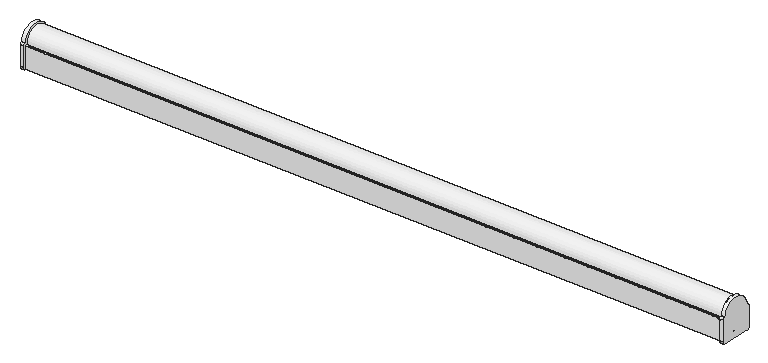
Revit family "0045198 Feilo Sylvania Lighting Fixture SYLBATTEN LED4 6000K DALI TP5 ", category Lighting Fixtures, host Face, Revit 2017
Family settings
  Host = Face
  Round Connector Dimension = Use Diameter
  Part Type = Normal
  OmniClass Number = 23.80.70.00
  OmniClass Title = Lighting
  Cut with Voids When Loaded = No
  Light Source = Yes
  Shared = No
  Room Calculation Point = No
Parameters (values of type "0045198 SYLBATTEN LED4 6000K DALI TP5")
  Width_FEILO = 66 mm
  Weight = "3.2 kg"
  Wattage Comments = "n/a"
  Wattage = 39 W
  WarrantyStartDate [instance] = "n/a"
  WarrantyGuarantorParts = "n/a"
  WarrantyDurationUnit = "n/a"
  WarrantyDurationParts = "n/a"
  WarrantyDescription = "n/a"
  built-in parameter 1150110 = 1 (stored number, unit not read)
  Voltage = 230 V
  URL = "http://www.sylvania-lighting.com"
  TypeName = "SYLBATTEN LED4 6000K DALI TP5"
  Type Image = <None>
  Type Comments = "n/a"
  built-in parameter 1114217 = 1 (stored number, unit not read)
  Tilt Angle = -90.00°
  built-in parameter 1150109 = 1 (stored number, unit not read)
  built-in parameter 1150134 = 5
  SymReflector_FEILO = no
  built-in parameter 1150113 = 1 (stored number, unit not read)
  SerialNumber [instance] = "n/a"
  PowerFactor = 0
  PowerConsumption = "39 W"
  Photometric Web File = "0045198.ies"
  NominalLength = 1505 mm
  NominalHeight = 76 mm
  NominalDepth = 66 mm
  Name = "SYLBATTEN LED4 6000K DALI TP5"
  ModelReference = Name  # "SYLBATTEN LED4 6000K DALI TP5"
  ModelNumber = "0045198"
  Model = Name  # "SYLBATTEN LED4 6000K DALI TP5"
  Material_4_FEILO = Reflector-Sylvania-Sylbatten-White
  Material_3_FEILO = Diffuser-Sylvania-Sylbatten-Glow
  Material_2_FEILO = Body-Sylvania-Sylbatten-White
  Material_1_FEILO = Body-Sylvania-Sylbatten-White
  Material = "sheet steel housing, polycarbonate diffuser"
  ManufacturerName = "Feilo Sylvania"
  Manufacturer = "Feilo Sylvania"
  LuminousEfficacy = "112.2 lm/W"
  built-in parameter 1150105 = 348.31 (stored number, unit not read)
  Lumens = 4376.97 lm
  LuminaireType = ""
  built-in parameter 1150115 = 1 (stored number, unit not read)
  LightOutputRatio = "100"
  built-in parameter 1150137 = (empty or 0)
  built-in parameter 1150139 = (empty or 0)
  Length_FEILO = 1505 mm
  LampsType = Lamp  # "LED"
  LampNominalLuminous = "4377 lm"
  LampMacAdamStep = "n/a"
  LampColourTemperature = "6000 K"
  LampColourRenderingIndex = "80"
  built-in parameter 1150112 = 1 (stored number, unit not read)
  built-in parameter 1150114 = 1 (stored number, unit not read)
  Lamp = "LED"
  Keynote = "16500"
  InstallationDate [instance] = "n/a"
  InputVoltage = "220-240V~"
  InputNominalFrequency = "n/a"
  built-in parameter 1150132 = (empty or 0)
  built-in parameter 1150102 = (empty or 0)
  built-in parameter 1150107 = 6000 (stored number, unit not read)
  built-in parameter 1150138 = (empty or 0)
  IngressProtection = "IP20"
  ImpactProtectionIndex = "IK07"
  built-in parameter 1150106 = 3.4831 (stored number, unit not read)
  IfcExportType = "IfcLightFixtureType"
  IfcExportAs = "IfcLightFixtureType"
  Height_FEILO = 76 mm
  ExpectedLife = 50000
  Emit from Rectangle Width = Length_FEILO - 16 mm  # 1489 mm
  Emit from Rectangle Length = Width_FEILO - 40 mm  # 26 mm
  Emit Shape Visible in Rendering = no
  ElectricShockClassification = "Class I"
  built-in parameter 1150104 = 10.427 (stored number, unit not read)
  DurationUnit = "hours"
  DocumentationLiterature = "http://www.sylvania-lighting.com/product/en-int/products/0045198"
  DimmingControlOptions = "Dimmable"
  Dimming Lamp Color Temperature Shift = <None>
  Description = "LED batten, T8 replacement, ease of installation through 2 part push-in design of the housing (safety cable included), through wiring capability (TP5 = 5 core), sheet steel, 4377LM, 39W, 112m/W, 6000K, drive current: 350mA, CRI 80, 138° wide beam angle, DALI dimmable, IP20, IK07, 50,000 hrs (L70), (LxWxH) 1505x66x76mm, 5 step MacAdam ellipse, 3.7kg, white RAL 9016, Class 1, 220-240V, energy class: A++, A+, A."
  Default Elevation = 1219.2 mm
  CreatedOn = "2/22/2018"
  CreatedBy = ""
  Cost = 0
  Color Filter = 16777215
  built-in parameter 1114216 [instance] = (empty or 0)
  ClassificationValue = "EF_70_80"
  ClassificationName = "Uniclass2015"
  CapOffset_FEILO = 2 mm
  BarCode [instance] = "n/a"
  built-in parameter 1114218 = 1 (stored number, unit not read)
  BackReflector_FEILO = and(not(AsymReflector_FEILO), SymReflector_FEILO)  # no
  built-in parameter 1150133 = 10 (stored number, unit not read)
  FrontReflector_FEILO = or(AsymReflector_FEILO, SymReflector_FEILO)  # no
  AsymReflector_FEILO = no
  AssetType = "Fixed"
  AssetIdentifier [instance] = "n/a"
  Assembly Code = "D5020200"
  Apparent Load = 39 VA
Reference planes
  plane 1 "Center (Front/Back)": y = 0
  plane 2: z = 0
  plane 3 "Center (Left/Right)": x = 0
  plane 4: x = 752.5
  plane 5: x = -752.5
  plane 6: y = 33
  plane 7: y = -33
  plane 8: z = 76
  plane 9: z = 47
  plane 10: y = -29
  plane 11: y = 29
  plane 12: z = 20
  plane 13: z = 74
  plane 14: y = -31
  plane 15: y = -27
  plane 16: y = 27
  plane 17: y = 31
  plane 18: z = 2
  plane 19: x = -744.5
  plane 20: x = 744.5
  plane 21: z = 49
  plane 22: y = 1
  plane 23: y = -1
  plane 24: z = 21
  plane 25: z = 19
  plane 26: y = -61
  plane 27: y = 61
  plane 28: y = -56
  plane 29: y = 56
  plane 30: z = 91
  plane 31: z = 88
Forms (mm)
  Extrusion 1, solid, material "Body-Sylvania-Sylbatten-White" <- "Material_2_FEILO"
    sketch origin (0, 0, 0) x (0, 1, 0) y (0, 0, 1)
      loop
        line (-31, 2) -> (31, 2) -> (31, 45)
        arc (31, 45) -> (30.414, 46.414) -> (29, 47) r 2
        line (29, 47) -> (27, 47)
        arc (27, 47) -> (0, 74) -> (-27, 47) r 27
        line (-27, 47) -> (-29, 47)
        arc (-29, 47) -> (-30.414, 46.414) -> (-31, 45) r 2
        line (-31, 45) -> (-31, 2)
    from -744.5 to 744.5
  Extrusion 2, solid, material "Body-Sylvania-Sylbatten-White" <- "Material_2_FEILO"
    sketch origin (752.5, 1524, 1219.2) x (0, 1, 0) y (0, 0, 1)
      loop
        arc (-1494, -1219.2) -> (-1491.879, -1218.321) -> (-1491, -1216.2) r 3
        line (-1491, -1216.2) -> (-1491, -1173.2)
        arc (-1491, -1173.2) -> (-1491.879, -1171.079) -> (-1494, -1170.2) r 3
        line (-1494, -1170.2) -> (-1495.069, -1170.2)
        arc (-1495.069, -1170.2) -> (-1524, -1143.2) -> (-1552.931, -1170.2) r 29
        line (-1552.931, -1170.2) -> (-1554, -1170.2)
        arc (-1554, -1170.2) -> (-1556.121, -1171.079) -> (-1557, -1173.2) r 3
        line (-1557, -1173.2) -> (-1557, -1216.2)
        arc (-1557, -1216.2) -> (-1556.121, -1218.321) -> (-1554, -1219.2) r 3
        line (-1554, -1219.2) -> (-1494, -1219.2)
      loop
        arc (-1525, -1189.25) -> (-1531.071, -1192.129) -> (-1533.95, -1198.2) r 10
        line (-1533.95, -1198.2) -> (-1532.944, -1198.2)
        arc (-1532.944, -1198.2) -> (-1530.364, -1192.836) -> (-1525, -1190.256) r 9
        line (-1525, -1190.256) -> (-1525, -1189.25)
      loop
        arc (-1523, -1190.256) -> (-1517.636, -1192.836) -> (-1515.056, -1198.2) r 9
        line (-1515.056, -1198.2) -> (-1514.05, -1198.2)
        arc (-1514.05, -1198.2) -> (-1516.929, -1192.129) -> (-1523, -1189.25) r 10
        line (-1523, -1189.25) -> (-1523, -1190.256)
      loop
        line (-1532.944, -1200.2) -> (-1533.95, -1200.2)
        arc (-1533.95, -1200.2) -> (-1531.071, -1206.271) -> (-1525, -1209.15) r 10
        line (-1525, -1209.15) -> (-1525, -1208.144)
        arc (-1525, -1208.144) -> (-1530.364, -1205.564) -> (-1532.944, -1200.2) r 9
      loop
        arc (-1515.056, -1200.2) -> (-1517.636, -1205.564) -> (-1523, -1208.144) r 9
        line (-1523, -1208.144) -> (-1523, -1209.15)
        arc (-1523, -1209.15) -> (-1516.929, -1206.271) -> (-1514.05, -1200.2) r 10
        line (-1514.05, -1200.2) -> (-1515.056, -1200.2)
    from 0 to -8
  Extrusion 3, solid, material "Body-Sylvania-Sylbatten-White" <- "Material_2_FEILO"
    sketch origin (-752.5, 1524, 1219.2) x (0, 1, 0) y (0, 0, 1)
      loop
        arc (-1495.069, -1170.2) -> (-1524, -1143.2) -> (-1552.931, -1170.2) r 29
        line (-1552.931, -1170.2) -> (-1554, -1170.2)
        arc (-1554, -1170.2) -> (-1556.121, -1171.079) -> (-1557, -1173.2) r 3
        line (-1557, -1173.2) -> (-1557, -1216.2)
        arc (-1557, -1216.2) -> (-1556.121, -1218.321) -> (-1554, -1219.2) r 3
        line (-1554, -1219.2) -> (-1494, -1219.2)
        arc (-1494, -1219.2) -> (-1491.879, -1218.321) -> (-1491, -1216.2) r 3
        line (-1491, -1216.2) -> (-1491, -1173.2)
        arc (-1491, -1173.2) -> (-1491.879, -1171.079) -> (-1494, -1170.2) r 3
        line (-1494, -1170.2) -> (-1495.069, -1170.2)
      loop
        line (-1533.95, -1198.2) -> (-1532.944, -1198.2)
        arc (-1532.944, -1198.2) -> (-1530.364, -1192.836) -> (-1525, -1190.256) r 9
        line (-1525, -1190.256) -> (-1525, -1189.25)
        arc (-1525, -1189.25) -> (-1531.071, -1192.129) -> (-1533.95, -1198.2) r 10
      loop
        line (-1523, -1189.25) -> (-1523, -1190.256)
        arc (-1523, -1190.256) -> (-1517.636, -1192.836) -> (-1515.056, -1198.2) r 9
        line (-1515.056, -1198.2) -> (-1514.05, -1198.2)
        arc (-1514.05, -1198.2) -> (-1516.929, -1192.129) -> (-1523, -1189.25) r 10
      loop
        line (-1514.05, -1200.2) -> (-1515.056, -1200.2)
        arc (-1515.056, -1200.2) -> (-1517.636, -1205.564) -> (-1523, -1208.144) r 9
        line (-1523, -1208.144) -> (-1523, -1209.15)
        arc (-1523, -1209.15) -> (-1516.929, -1206.271) -> (-1514.05, -1200.2) r 10
      loop
        line (-1525, -1209.15) -> (-1525, -1208.144)
        arc (-1525, -1208.144) -> (-1530.364, -1205.564) -> (-1532.944, -1200.2) r 9
        line (-1532.944, -1200.2) -> (-1533.95, -1200.2)
        arc (-1533.95, -1200.2) -> (-1531.071, -1206.271) -> (-1525, -1209.15) r 10
    from 0 to 8
  Extrusion 4, solid, material "Reflector-Sylvania-Sylbatten-White" <- "Material_4_FEILO", visible <- "FrontReflector_FEILO"
    sketch origin (0, 0, 0) x (0, 1, 0) y (0, 0, 1)
      loop
        line (-61.257, 88.429) -> (-60.743, 87.571) -> (-56.621, 90.044)
        arc (-56.621, 90.044) -> (-56.237, 90.099) -> (-55.929, 89.863) r 0.5
        line (-55.929, 89.863) -> (-31.435, 46.753) -> (-30.565, 47.247) -> (-55.312, 90.802)
        arc (-55.312, 90.802) -> (-55.928, 91.275) -> (-56.696, 91.165) r 1
        line (-56.696, 91.165) -> (-61.257, 88.429)
    from -744.5 to 744.5
  Extrusion 5, solid, material "Reflector-Sylvania-Sylbatten-White" <- "Material_4_FEILO", visible <- "BackReflector_FEILO"
    sketch origin (0, 0, 0) x (0, 1, 0) y (0, 0, 1)
      loop
        line (30.565, 47.247) -> (31.435, 46.753) -> (55.932, 89.868)
        arc (55.932, 89.868) -> (56.245, 90.112) -> (56.638, 90.062) r 0.518
        line (56.638, 90.062) -> (61.033, 87.565) -> (61.527, 88.435) -> (56.682, 91.188)
        arc (56.682, 91.188) -> (55.922, 91.282) -> (55.318, 90.812) r 1
        line (55.318, 90.812) -> (30.565, 47.247)
    from -744.5 to 744.5
Lines and regions (mm)
  reference lines
    curve 1: line (0, -61, 88) -> (0, -56, 91)
    curve 2: line (0, -56, 91) -> (0, -31, 47)
    curve 3: line (0, 31, 47) -> (0, 56, 91)
    curve 4: line (0, 56, 91) -> (0, 61.28, 88)
Dimensions and locks
  equal spacing: plane 5, plane 3 "Center (Left/Right)", plane 4
  equal spacing: plane 7, plane 1 "Center (Front/Back)", plane 6
  "Width_FEILO": plane 7 to plane 6
  "Length_FEILO": plane 5 to plane 4
  "Height_FEILO": plane 8 to plane 2
  locked: plane 9 to plane 8 at 29
  equal spacing: plane 10, plane 1 "Center (Front/Back)", plane 11
  locked: plane 7 to plane 10 at 4
  locked: plane 12 to plane 2 at 20
  "CapOffset_FEILO": plane 13 to plane 8
  "CapOffset_FEILO": plane 7 to plane 14
  "CapOffset_FEILO": plane 10 to plane 15
  "CapOffset_FEILO": plane 17 to plane 6
  "CapOffset_FEILO": plane 16 to plane 11
  "CapOffset_FEILO": plane 18 to plane 2
  locked: plane 14 to Extrusion 1 sketch curve at 2
  locked: Extrusion 1 sketch curve to plane 9 at 2  (x2)
  locked: plane 16 to Extrusion 1 sketch curve at 2
  equal spacing: plane 19, plane 3 "Center (Left/Right)", plane 20
  locked: plane 5 to plane 19 at 8
  "CapOffset_FEILO": plane 9 to plane 21
  locked: Extrusion 2 sketch curve to plane 2 at 47
  locked: Extrusion 1 sketch curve to plane 2 at 47
  locked: Extrusion 2 sketch curve to plane 2 at 3  (x2)
  locked: plane 7 to Extrusion 2 sketch curve at 3  (x2)
  locked: Extrusion 2 sketch curve to plane 6 at 3  (x2)
  locked: Extrusion 2 sketch curve to plane 21 at 3  (x2)
  equal spacing: plane 23, plane 1 "Center (Front/Back)", plane 22
  equal spacing: plane 25, plane 12, plane 24
  plane 30 to plane 31 to plane 2 = 3 mm locked, 88 mm locked
  plane 28 to plane 29 = 112 mm
  plane 26 to plane 27 = 122 mm
  aligned and locked: plane 2 to host face
  aligned and locked: level to host face
  aligned and locked: plane 18 to Extrusion 1 sketch curve
  aligned and locked: plane 14 to Extrusion 1 sketch curve
  aligned and locked: Extrusion 1 sketch curve to plane 9  (x2)
  aligned and locked: Extrusion 1 sketch curve to plane 17
  aligned and locked: plane 15 to Extrusion 1 sketch curve
  aligned and locked: plane 16 to Extrusion 1 sketch curve
  aligned and locked: plane 9 to Extrusion 1 sketch curve
  aligned and locked: plane 20 to Extrusion 1
  aligned and locked: level to Extrusion 2 sketch curve
  aligned and locked: Extrusion 2 sketch curve to plane 7
  aligned and locked: plane 21 to Extrusion 2 sketch curve
  aligned and locked: Extrusion 2 sketch curve to plane 21
  aligned and locked: plane 1 "Center (Front/Back)" to Extrusion 2 sketch curve  (x3)
  aligned and locked: Extrusion 2 to Extrusion 1
  aligned and locked: plane 4 to Extrusion 2
  aligned and locked: plane 12 to Extrusion 2 sketch curve  (x2)
  aligned and locked: Extrusion 2 sketch curve to plane 22
  aligned and locked: Extrusion 2 sketch curve to plane 23
  aligned and locked: Extrusion 2 sketch curve to plane 24
  aligned and locked: Extrusion 2 sketch curve to plane 25
  aligned and locked: plane 25 to Extrusion 2 sketch curve
  aligned and locked: plane 22 to Extrusion 2 sketch curve
  aligned and locked: plane 24 to Extrusion 2 sketch curve
  aligned and locked: plane 23 to Extrusion 2 sketch curve  (x2)
  aligned and locked: Extrusion 3 sketch curve to Extrusion 2  (x22)
  aligned and locked: Extrusion 3 to Extrusion 1
  aligned and locked: Extrusion 3 to plane 5
  aligned and locked: plane 19 to Extrusion 3
  aligned and locked: plane 31 to curve 1
  aligned and locked: plane 30 to curve 1
  aligned and locked: plane 14 to curve 2
  aligned and locked: plane 9 to curve 2
  aligned and locked: plane 17 to curve 3
  aligned and locked: plane 30 to curve 3
  aligned and locked: plane 31 to curve 4
  aligned and locked: Extrusion 4 sketch curve to curve 2
  aligned and locked: Extrusion 4 sketch curve to curve 1
  aligned and locked: Extrusion 4 to Extrusion 1
  aligned and locked: Extrusion 1 to Extrusion 4
  aligned and locked: imposter light to plane 1 "Center (Front/Back)"
  aligned and locked: imposter light to plane 3 "Center (Left/Right)"
  aligned and locked: imposter light to plane 13
  aligned and locked: Extrusion 5 sketch curve to curve 4
  aligned and locked: Extrusion 5 sketch curve to curve 3
  aligned and locked: Extrusion 1 to Extrusion 5
  aligned and locked: Extrusion 5 to Extrusion 1
Automatic sketch dimensions
  host sketch curve to host sketch curve = 2438.4 mm  (x2)
  Extrusion 2 sketch curve to Extrusion 2 sketch curve = 0 mm  (x14)
  Extrusion 2 sketch curve to plane 10 = 0.069 mm
  plane 23 to Extrusion 2 sketch curve = 8.95 mm
  Extrusion 2 sketch curve to Extrusion 2 sketch curve = 1.006 mm  (x4)
  Extrusion 2 sketch curve to plane 22 = 7.944 mm
  curve 1 to plane 26 = 0 mm
  curve 2 to plane 28 = 0 mm
  curve 4 to plane 29 = 0 mm
  plane 9 to curve 3 = 0 mm
  plane 26 to Extrusion 4 sketch curve = 0.257 mm
  Extrusion 4 sketch curve to plane 26 = 0.257 mm
  Extrusion 4 sketch curve to plane 30 = 0.165 mm
  plane 28 to Extrusion 4 sketch curve = 0.696 mm
  plane 28 to Extrusion 4 sketch curve = 0.621 mm
  plane 28 to Extrusion 4 sketch curve = 0.364 mm
  plane 28 to Extrusion 4 sketch curve = 0.182 mm
  Extrusion 4 sketch curve to plane 28 = 0.071 mm
  plane 30 to Extrusion 4 sketch curve = 0.198 mm
  Extrusion 4 sketch curve to plane 28 = 0.688 mm
  plane 9 to Extrusion 4 sketch curve = 0.247 mm
  plane 1 "Center (Front/Back)" to Extrusion 4 sketch curve = 31.435 mm
  Extrusion 5 sketch curve to plane 9 = 0.247 mm
  Extrusion 5 sketch curve to plane 1 "Center (Front/Back)" = 30.565 mm
  plane 9 to Extrusion 5 sketch curve = 0.247 mm
  plane 30 to Extrusion 5 sketch curve = 0.188 mm
  plane 29 to Extrusion 5 sketch curve = 0.068 mm
  Extrusion 5 sketch curve to plane 29 = 0.188 mm
  Extrusion 5 sketch curve to plane 29 = 0.382 mm
  Extrusion 5 sketch curve to Extrusion 5 sketch curve = 0.256 mm
  Extrusion 5 sketch curve to plane 30 = 0.188 mm
  Extrusion 5 sketch curve to plane 29 = 0.682 mm
  Extrusion 5 sketch curve to plane 27 = 0.033 mm
  Extrusion 5 sketch curve to plane 27 = 0.527 mm
Connectors
  electrical at (0, 0, 0), driven by "Apparent Load", driven by "PowerFactor", driven by "Voltage"
    settings: index 1, voltage 230 V, apparent load 39 VA, apparent load phase1 0 VA, apparent load phase2 0 VA, apparent load phase3 0 VA, power factor 0, load classification "Lighting", number of poles 1, system type 30, power factor state 1, is connector primary yes, connector utility no, sub classification motor no, connector description ""
